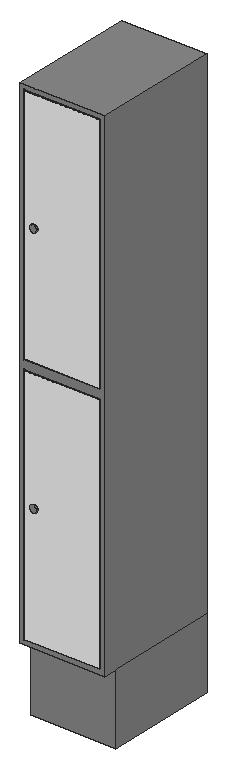
Revit family
Parameters (values of type "Lockers x 2")
  Width = 300 mm
  Vis Ironmongery = yes
  Plinth Setback = 50 mm
  Plinth Height = 250 mm
  Material Plinth = Paint - Grey
  Material Locker = Paint - Grey
  Material Door = Paint - White
  Locker Height = 1775 mm
  Keynote = "N"
  Depth = 450 mm
  Assembly Code = ""
Reference planes
  plane 1 "Center (Front/Back)": y = 150
  plane 2: z = 0
  plane 3 "Center (Left/Right)": x = -154.179
  plane 4: y = 600
  plane 5: x = -304.179
  plane 6: x = -4.179
  plane 7: z = 250
  plane 8: z = 2025
  plane 9: z = 2010
  plane 10: z = 265
  plane 11: x = -289.179
  plane 12: x = -19.179
  plane 13: z = 1152.5
  plane 14: z = 1137.5
  plane 15: z = 1122.5
  plane 16: x = -44.179
  plane 17: x = -94.179
Forms (mm)
  Extrusion 1, solid, material "Paint - Grey" <- "Material Plinth"
    sketch origin (0, 0, 0) x (1, 0, 0) y (0, 1, 0)
      loop
        line (-304.179, 600) -> (-304.179, 200) -> (-4.179, 200) -> (-4.179, 600) -> (-304.179, 600)
    from 0 to 250
  Extrusion 2, solid, material "Paint - Grey" <- "Material Locker"
    sketch origin (-154.179, 0, 0) x (0, 1, 0) y (0, 0, 1)
      loop
        line (150, 2025) -> (150, 250) -> (600, 250) -> (600, 2025) -> (150, 2025)
    from -150 to 150
  Extrusion 3, void
    sketch origin (-4.179, 150, 2025) x (1, 0, 0) y (0, 0, -1)
      loop
        line (-285, 1760) -> (-285, 902.5) -> (-15, 902.5) -> (-15, 1760) -> (-285, 1760)
      loop
        line (-285, 872.5) -> (-285, 15) -> (-15, 15) -> (-15, 872.5) -> (-285, 872.5)
    from 0 to 435
  Extrusion 4, solid, material "Paint - White" <- "Material Door"
    sketch origin (-4.179, 150, 2025) x (-1, 0, 0) y (0, 0, -1)
      loop
        line (282, 18) -> (282, 869.5) -> (18, 869.5) -> (18, 18) -> (282, 18)
      loop
        line (282, 905.5) -> (282, 1757) -> (18, 1757) -> (18, 905.5) -> (282, 905.5)
    from -15 to 0
  Extrusion 5, solid, material "Paint - Grey", visible <- "Vis Ironmongery"
    sketch origin (0, 150, 0) x (1, 0, 0) y (0, 0, 1)
      loop
        circle (-254.555, 1581.25) r 12.5
      loop
        circle (-254.555, 693.75) r 12.5
    from 0 to 3
Cuts and joins
  Extrusion 3 cuts Extrusion 1
  Extrusion 3 cuts Extrusion 2
Lines and regions (mm)
  Masking region 1
    outline origin (0, 0, 0) x (1, 0, 0) y (0, 1, 0)
      loop
        line (-304.179, 600) -> (-304.179, 150) -> (-4.179, 150) -> (-4.179, 600) -> (-304.179, 600)
  model lines, style "InvisibleLines"
    curve 1: line (-154.179, 150, 2025) -> (-154.179, 600, 2025)
Dimensions and locks
  equal spacing: plane 5, plane 3 "Center (Left/Right)", plane 6
  "Width": plane 5 to plane 6
  "Depth": plane 1 "Center (Front/Back)" to plane 4
  "Locker Height": plane 8 to plane 7
  "Plinth Height": plane 7 to level
  locked: plane 8 to plane 9 at 15
  locked: plane 10 to plane 7 at 15
  locked: plane 5 to plane 11 at 15
  locked: plane 12 to plane 6 at 15
  equal spacing: plane 8, plane 14, plane 7
  equal spacing: plane 13, plane 14, plane 15, locked at 15 each
  locked: plane 11 to Extrusion 5 sketch curve at 34.624
  equal spacing: plane 8, Extrusion 5 sketch curve, plane 14
  plane 11 to Extrusion 5 sketch curve = 34.624 mm
  equal spacing: plane 14, Extrusion 5 sketch curve, plane 7
  locked: Extrusion 5 to plane 1 "Center (Front/Back)" at 3
  "Plinth Setback": plane 1 "Center (Front/Back)" to cut or joined group of Extrusion 1, Extrusion 3
  locked: plane 13 to plane 15 at 30
  aligned and locked: Extrusion 1 to plane 7
  aligned and locked: Extrusion 1 to level
  aligned and locked: Extrusion 2 sketch curve to curve 1
  aligned and locked: plane 5 to Extrusion 2
  aligned and locked: Extrusion 2 to plane 6
  aligned and locked: plane 13 to Extrusion 3 sketch curve
  aligned: cut or joined group of Extrusion 2, Extrusion 3 to Masking region 1 sketch curve  (x2)
  aligned: Masking region 1 sketch curve to cut or joined group of Extrusion 1, Extrusion 3
  aligned: Masking region 1 sketch curve to cut or joined group of Extrusion 2, Extrusion 3
Automatic sketch dimensions
  Extrusion 1 sketch curve to plane 1 "Center (Front/Back)" = 50 mm
  Extrusion 1 sketch curve to plane 5 = 0 mm
  Extrusion 1 sketch curve to plane 6 = 0 mm
  Extrusion 1 sketch curve to plane 4 = 0 mm
  curve 1 to plane 1 "Center (Front/Back)" = 0 mm
  curve 1 to plane 4 = 0 mm
  curve 1 to plane 8 = 0 mm
  Extrusion 2 sketch curve to plane 1 "Center (Front/Back)" = 0 mm
  Extrusion 2 sketch curve to plane 4 = 0 mm
  Extrusion 2 sketch curve to plane 7 = 0 mm
  Extrusion 3 sketch curve to plane 10 = 0 mm
  Extrusion 3 sketch curve to plane 11 = 0 mm  (x2)
  Extrusion 3 sketch curve to plane 12 = 0 mm  (x2)
  Extrusion 3 sketch curve to plane 9 = 0 mm
  Extrusion 3 sketch curve to plane 15 = 0 mm
  Extrusion 4 sketch curve to plane 12 = 3 mm  (x2)
  Extrusion 4 sketch curve to plane 11 = 3 mm  (x2)
  plane 9 to Extrusion 4 sketch curve = 3 mm
  plane 15 to Extrusion 4 sketch curve = 3 mm
  Extrusion 4 sketch curve to plane 10 = 3 mm
  Extrusion 4 sketch curve to Extrusion 4 sketch curve = 36 mm
  Masking region 1 sketch curve to plane 1 "Center (Front/Back)" = 0 mm
  Masking region 1 sketch curve to plane 5 = 0 mm
  Masking region 1 sketch curve to plane 6 = 0 mm
  Masking region 1 sketch curve to plane 4 = 0 mm
  radius of Extrusion 5 sketch curve = 12.5 mm  (x2)
